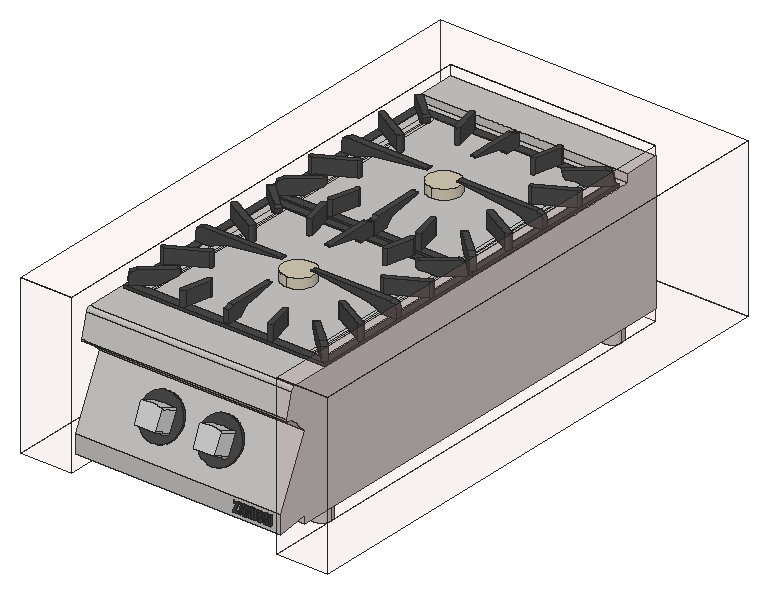
Revit family "QF_ZANUSSI_392026_Z9GCGD2C0M", category Attrezzature speciali, Revit 2020
Family settings
  Quota connettore circolare = Usa diametro
  Tipo di parte = Normale
  Basato su piano di lavoro = No
  Sempre verticale = Sì
  Taglio con vuoti quando caricato = No
  Condiviso = No
  Punto di calcolo locali = No
Parameters (values of type "Standard")
  Weight = 43.00 kg
  Watts = 0 W
  Volts = 0 V
  URL Manufacturer = "http://www.zanussiprofessional.com"
  URL = "http://www.zanussiprofessional.com"
  Steam Supply Size = 0 mm
  Steam Supply Minimum Pressure = 0.0 Pa
  Steam Supply Maximum Pressure = 0.0 Pa
  Steam Consumption per Hour = 0
  Show Logo [instance] = yes
  Show Clearance [instance] = yes
  Refrigeration Suction Line Size = 0 mm
  Refrigeration Liquid Line Size = 0 mm
  Refrigerant Compressor Remote = yes
  Prospetto di default = 0 mm
  Produttore = "Zanussi"
  Phase = 0
  Modello = "Z9GCGD2C0M"
  Length Actual = 400 mm  # constant formula
  Item Number = "392026"
  Hot Water Size = 0 mm
  Height Actual = 250 mm  # constant formula
  HP = "0 HP"
  Gas Size = 12.7 mm
  Gas KW = 20
  Gas Input Pressure = 0.196954 W
  Direct Waste Size = 0 mm
  Descrizione = "2X10KW-BURNER(CAST IRON)GAS BOIL.TOP 400"
  Depth Actual = 900 mm  # constant formula
  Cycle = 0 Hz
  Condensate Return Size = 0 mm
  Compressed Air Volume = 0.0 L/s
  Compressed Air Size = 0 mm
  Compressed Air Pressure = 0.0 Pa
  Cold Water Size = 0 mm
  Accessory = yes
Reference planes
  plane 1 "Back": y = 0
  plane 2: z = 0
  plane 3 "Left": x = 0
  plane 4: x = 400
  plane 5: z = 275
  plane 6: y = -340.304
  plane 7: x = 500
  plane 8: x = -100
  plane 9: y = 100
  plane 10: x = 200
  plane 11: y = -790
  plane 12: y = -82
Forms (mm)
  Extrusion 1, solid, material "QF_Finishes_Clearance", visible <- "Show Clearance"
    sketch origin (0, 0, 0) x (1, 0, 0) y (0, 1, 0)
      loop
        line (-100, -924.56) -> (0, -924.56) -> (0, 0) -> (400, 0) -> (400, -924.56) -> (500, -924.56) -> (500, 100) -> (-100, 100) -> (-100, -924.56)
    from 0 to 308.575
  Extrusion 2, solid, material "QF_Finishes_Stainless Steel"
    sketch origin (0, 0, 1) x (0, 1, 0) y (0, 0, 1)
      loop
        line (0, 23) -> (0, 289) -> (-69.85, 289) -> (-69.85, 274) -> (-879.358, 274)
        arc (-879.358, 274) -> (-884.643, 271.811) -> (-886.833, 266.526) r 7.474
        line (-886.833, 266.526) -> (-899.363, 222.827)
        arc (-899.363, 222.827) -> (-898.875, 220.195) -> (-896.479, 219) r 3
        line (-896.479, 219) -> (-888.618, 219) -> (-854.982, 185.364) -> (-915, 64.508) -> (-915, 29.508) -> (-858.645, 37.428)
        arc (-858.645, 37.428) -> (-856.101, 36.674) -> (-855, 34.259) r 3.2
        line (-855, 34.259) -> (-855, 23) -> (0, 23)
    from 0 to 400.05
  Extrusion 3, solid, material "QF_Finishes_Stainless Steel"
    sketch origin (-705.042, 21.722, 541) x (-1, 0, 0) y (0, 0, -1)
      loop
        circle (-1052.042, 464) r 6.35
    from 11.722 to 21.722
  Extrusion 4, solid, material "QF_Finishes_Stainless Steel"
    sketch origin (-704.042, -197, 2.278) x (-1, 0, 0) y (0, -1, 0)
      loop
        circle (-1052.042, 464) r 6.35
    from 11.722 to 21.722
Dimensions and locks
  plane 3 "Left" to plane 4 = 400 mm
  plane 5 to level = 275 mm
  plane 1 "Back" to plane 9 = 100 mm
  plane 4 to plane 7 = 100 mm
  plane 8 to plane 3 "Left" = 100 mm
  Extrusion 1 to Extrusion 1 = 400 mm
  Extrusion 1 to Extrusion 2 sketch curve = 915 mm
  plane 1 "Back" to plane 12 to plane 11 = 82 mm, 708 mm
  aligned and locked: level to plane 2
Nested families
  nested 1: "ZANUSSI_BURNER" at (5, -443.75, -575.85), type "ZANUSSI_BURNER"
    with Specification by User "", Revision Code "", Item Number "", Installed By "", Identify Quantity as Lot yes, Furnished By "", Foodservice Equipment Identifier yes
  nested 2: "ZANUSSI_Logo" at (349.92, -915, 98) x (1, 0, 0) z (0, -1, 0), Show Logo <- "Show Logo", visible <- "Show Logo", type "ZANUSSI_Logo"
    with Show Logo yes
  nested 3: "Piedino 24x19 mm" at (20, -82, 0), type "Piedino 24x19 mm"
  nested 4: "Piedino 24x19 mm" at (20, -790, 0), type "Piedino 24x19 mm"
  nested 5: "Piedino 24x19 mm" at (380, -82, 0) x (-1, 0, 0) z (0, 0, 1), type "Piedino 24x19 mm"
  nested 6: "Piedino 24x19 mm" at (380, -790, 0) x (-1, 0, 0) z (0, 0, 1), type "Piedino 24x19 mm"
  nested 7: "CONTROLLER_XP-ZAN" at (193.54, -882.317, 131.321) x (1, 0, 0) z (0, -0.8956, 0.4448), type "CONTROLLER_XP-ZAN"
  nested 8: "CONTROLLER_XP-ZAN" at (206.46, -882.317, 131.321) x (-1, 0, 0) z (0, -0.8956, 0.4448), type "CONTROLLER_XP-ZAN"
  nested 9: "ZANUSSI_BURNER" at (5, -448.75, -575.85), type "ZANUSSI_BURNER"
    with Specification by User "", Revision Code "", Item Number "", Installed By "", Identify Quantity as Lot yes, Furnished By "", Foodservice Equipment Identifier yes
Connectors
  piping at (347, 10, 77), diameter 12.7, driven by "Gas Size"
    settings: on Extrusion 3, index 14, connector inside diameter 12.8 mm, connector length 0 mm, flow factor 0, pipe flow 0.0 L/s, pressure drop 0.0 Pa, fitting loss kfactor 0, connector angle 0.00°, fixture units 0, engagement length 0 mm, angle of deflection 0.00°, flow configuration 1, flow direction 1, fitting loss method 0, system type 29, joint type 0, gender type 0, connector reference index -1, connector utility 0, adjustable connector no, is connector primary yes, connector description "Gas Connection"
  piping at (348, -661, 14), diameter 12.7, driven by "Gas Size"
    settings: on Extrusion 4, index 15, connector inside diameter 12.8 mm, connector length 0 mm, flow factor 0, pipe flow 0.0 L/s, pressure drop 0.0 Pa, fitting loss kfactor 0, connector angle 0.00°, fixture units 0, engagement length 0 mm, angle of deflection 0.00°, flow configuration 1, flow direction 1, fitting loss method 0, system type 29, joint type 0, gender type 0, connector reference index -1, connector utility 0, adjustable connector no, is connector primary no, connector description "Gas Connection"
Definition of nested family "ZANUSSI_BURNER"
  Parameters (values of type "ZANUSSI_BURNER")
    Weight in Pounds = 0
    URL Cutsheet = ""
    URL = "www.electrolux.com"
    Type Mark [instance] = ""
    Status [instance] = ""
    Specification by User [instance] = ""
    Specification by Manufacturer = ""
    Show Clearance [instance] = yes
    Serial Number = ""
    Seismic Rating = ""
    SMACNA No = ""
    Revision Code [instance] = ""
    Default Elevation = 0 mm
    Omniclass Number and Title = ""
    NAFEM Spec ID Number = ""
    Model = "392010"
    Masterspec = ""
    Manufacturer = "ELECTROLUX"
    Item Number [instance] = ""
    Installed By [instance] = ""
    Identify Quantity as Lot [instance] = yes
    Furnished By [instance] = ""
    Foodservice Equipment Identifier [instance] = yes
    Description = ""
    CSI MasterFormat = ""
    CSI Master Format = ""
  Reference planes
    plane 1 "BACK": y = 0
    plane 2: z = 0
    plane 3 "LEFT": x = 0
    plane 4 "RIGHT": x = 393.7
    plane 5 "FRONT": y = -355.6
    plane 6 "TOP": z = 908.85
    plane 7 "Center Y": x = 196.85
    plane 8 "Center X": y = -177.8
    plane 9 "Base": z = 150
    plane 10: z = 850.85
  Forms (mm)
    Extrusion 1, solid
      sketch origin (-6.433, -404.961, 5) x (1, 0, 0) y (0, 0, -1)
        loop
          arc (7.142, -850.85) -> (6.739, -862.989) -> (9.761, -874.752) r 42.809
          line (9.761, -874.752) -> (19.961, -879.425) -> (173.122, -879.425)
          arc (173.122, -879.425) -> (174.316, -878.312) -> (173.289, -877.043) r 1.197
          line (173.289, -877.043) -> (64.848, -864.021)
          arc (64.848, -864.021) -> (50.111, -858.738) -> (36.589, -850.85) r 85.245
          line (36.589, -850.85) -> (7.142, -850.85)
        loop
          line (399.424, -850.85) -> (369.977, -850.85)
          arc (369.977, -850.85) -> (356.455, -858.738) -> (341.718, -864.021) r 85.245
          line (341.718, -864.021) -> (233.277, -877.043)
          arc (233.277, -877.043) -> (232.25, -878.312) -> (233.444, -879.425) r 1.197
          line (233.444, -879.425) -> (386.605, -879.425) -> (396.806, -874.752)
          arc (396.806, -874.752) -> (399.827, -862.989) -> (399.424, -850.85) r 42.809
      from 224.564 to 234.564
    Extrusion 2, solid
      sketch origin (196.85, 175.397, 1219.2) x (0, 1, 0) y (0, 0, 1)
        loop
          line (-204.463, -363.35) -> (-175.397, -363.35) -> (-175.397, -339.506)
          arc (-175.397, -339.506) -> (-181.025, -338.266) -> (-185.611, -334.775) r 13.39
          line (-185.611, -334.775) -> (-278.903, -334.775)
          arc (-278.903, -334.775) -> (-280.097, -335.888) -> (-279.07, -337.157) r 1.197
          line (-279.07, -337.157) -> (-227.151, -347.464)
          arc (-227.151, -347.464) -> (-213.741, -352.457) -> (-204.463, -363.35) r 28.426
        loop
          arc (-496.332, -363.35) -> (-487.053, -352.457) -> (-473.644, -347.464) r 28.426
          line (-473.644, -347.464) -> (-421.725, -337.157)
          arc (-421.725, -337.157) -> (-420.697, -335.888) -> (-421.891, -334.775) r 1.197
          line (-421.891, -334.775) -> (-515.184, -334.775)
          arc (-515.184, -334.775) -> (-519.769, -338.266) -> (-525.397, -339.506) r 13.39
          line (-525.397, -339.506) -> (-525.397, -363.35) -> (-496.332, -363.35)
      from -5 to 5
    Extrusion 3, solid
      sketch origin (-6.433, 367.064, 850.85) x (0, -1, 0) y (1, 0, 0)
        loop
          line (722.664, 6.433) -> (722.664, 400.133) -> (367.064, 400.133) -> (367.064, 6.433) -> (722.664, 6.433)
        loop
          line (382.064, 21.433) -> (707.664, 21.433) -> (707.664, 385.133) -> (382.064, 385.133) -> (382.064, 21.433)
      from 0 to 5
    Extrusion 4, solid
      sketch origin (-18.933, 367.064, 855.85) x (0, -1, 0) y (1, 0, 0)
        loop
          circle (541.667, 215.783) r 30
      from -1.321 to 17.134
    Extrusion 5, solid
      sketch origin (-6.433, -367.064, 0) x (1, 0, 0) y (0, 0, -1)
        loop
          line (21.433, -855.85) -> (36.589, -855.85)
          arc (36.589, -855.85) -> (40.561, -855.243) -> (44.305, -853.783) r 18.259
          arc (44.305, -853.783) -> (45.997, -853.366) -> (47.69, -853.783) r 3.649
          arc (47.69, -853.783) -> (49.901, -854.522) -> (52.232, -854.529) r 7.328
          line (52.232, -854.529) -> (354.334, -854.529)
          arc (354.334, -854.529) -> (356.666, -854.522) -> (358.877, -853.783) r 7.328
          arc (358.877, -853.783) -> (360.569, -853.366) -> (362.261, -853.783) r 3.649
          arc (362.261, -853.783) -> (366.005, -855.243) -> (369.977, -855.85) r 18.259
          line (369.977, -855.85) -> (385.133, -855.85) -> (385.133, -850.85) -> (21.433, -850.85) -> (21.433, -855.85)
      from 26.464 to 352.064
    Extrusion 6, solid
      sketch origin (83.284, -458.334, 5) x (0.742103, 0.670286, 0) y (0, 0, -1)
        loop
          arc (88.629, -864.012) -> (73.909, -858.731) -> (60.402, -850.85) r 85.245
          line (60.402, -850.85) -> (14.993, -850.85)
          arc (14.993, -850.85) -> (14.642, -862.948) -> (17.686, -874.663) r 42.876
          line (17.686, -874.663) -> (27.899, -879.425) -> (89.664, -879.425)
          arc (89.664, -879.425) -> (92.39, -878.352) -> (93.654, -875.709) r 4
          arc (93.654, -875.709) -> (92.562, -869.25) -> (88.629, -864.012) r 13.87
        loop
          arc (457.638, -864.012) -> (453.704, -869.25) -> (452.613, -875.709) r 13.87
          arc (452.613, -875.709) -> (453.876, -878.352) -> (456.603, -879.425) r 4
          line (456.603, -879.425) -> (518.367, -879.425) -> (528.581, -874.663)
          arc (528.581, -874.663) -> (531.624, -862.948) -> (531.273, -850.85) r 42.876
          line (531.273, -850.85) -> (485.865, -850.85)
          arc (485.865, -850.85) -> (472.357, -858.731) -> (457.638, -864.012) r 85.245
      from 127.064 to 137.064
    Extrusion 7, solid
      sketch origin (310.416, -458.334, 5) x (-0.742103, 0.670286, 0) y (0, 0, 1)
        loop
          arc (88.629, 864.012) -> (92.562, 869.25) -> (93.654, 875.709) r 13.87
          arc (93.654, 875.709) -> (92.39, 878.352) -> (89.664, 879.425) r 4
          line (89.664, 879.425) -> (27.899, 879.425) -> (17.686, 874.663)
          arc (17.686, 874.663) -> (14.642, 862.948) -> (14.993, 850.85) r 42.876
          line (14.993, 850.85) -> (60.402, 850.85)
          arc (60.402, 850.85) -> (73.909, 858.731) -> (88.629, 864.012) r 85.245
        loop
          arc (457.638, 864.012) -> (472.357, 858.731) -> (485.865, 850.85) r 85.245
          line (485.865, 850.85) -> (531.273, 850.85)
          arc (531.273, 850.85) -> (531.624, 862.948) -> (528.581, 874.663) r 42.876
          line (528.581, 874.663) -> (518.367, 879.425) -> (456.603, 879.425)
          arc (456.603, 879.425) -> (453.876, 878.352) -> (452.613, 875.709) r 4
          arc (452.613, 875.709) -> (453.704, 869.25) -> (457.638, 864.012) r 13.87
      from 127.064 to 137.064
    Extrusion 8, solid
      sketch origin (-6.433, 367.064, 855.85) x (0, -1, 0) y (1, 0, 0)
        loop
          arc (626.166, 9.428) -> (632.956, 7.454) -> (634.93, 14.244) r 5
          line (634.93, 14.244) -> (600.514, 76.878)
          arc (600.514, 76.878) -> (593.724, 78.852) -> (591.75, 72.062) r 5
          line (591.75, 72.062) -> (626.166, 9.428)
        loop
          line (463.562, 9.428) -> (497.977, 72.062)
          arc (497.977, 72.062) -> (496.003, 78.852) -> (489.213, 76.878) r 5
          line (489.213, 76.878) -> (454.798, 14.244)
          arc (454.798, 14.244) -> (456.772, 7.454) -> (463.562, 9.428) r 5
        loop
          line (626.166, 397.138) -> (591.75, 334.504)
          arc (591.75, 334.504) -> (593.724, 327.714) -> (600.514, 329.689) r 5
          line (600.514, 329.689) -> (634.93, 392.323)
          arc (634.93, 392.323) -> (632.956, 399.113) -> (626.166, 397.138) r 5
        loop
          arc (463.562, 397.138) -> (456.772, 399.113) -> (454.798, 392.323) r 5
          line (454.798, 392.323) -> (489.213, 329.689)
          arc (489.213, 329.689) -> (496.003, 327.714) -> (497.977, 334.504) r 5
          line (497.977, 334.504) -> (463.562, 397.138)
        loop
          line (715.14, 293.499) -> (666.703, 282.317)
          arc (666.703, 282.317) -> (662.956, 276.32) -> (668.953, 272.573) r 5
          line (668.953, 272.573) -> (717.389, 283.756)
          arc (717.389, 283.756) -> (721.136, 289.752) -> (715.14, 293.499) r 5
        loop
          arc (715.14, 113.067) -> (721.136, 116.814) -> (717.389, 122.811) r 5
          line (717.389, 122.811) -> (668.953, 133.993)
          arc (668.953, 133.993) -> (662.956, 130.246) -> (666.703, 124.249) r 5
          line (666.703, 124.249) -> (715.14, 113.067)
        loop
          arc (374.588, 293.499) -> (368.591, 289.752) -> (372.338, 283.756) r 5
          line (372.338, 283.756) -> (420.775, 272.573)
          arc (420.775, 272.573) -> (426.771, 276.32) -> (423.024, 282.317) r 5
          line (423.024, 282.317) -> (374.588, 293.499)
        loop
          line (374.588, 113.067) -> (423.024, 124.249)
          arc (423.024, 124.249) -> (426.771, 130.246) -> (420.775, 133.993) r 5
          line (420.775, 133.993) -> (372.338, 122.811)
          arc (372.338, 122.811) -> (368.591, 116.814) -> (374.588, 113.067) r 5
      from 0 to 28.575
  Lines and regions (mm)
    symbolic lines
      curve 1: line (157.475, -170.397, 150) -> (157.475, -15, 150)
      curve 2: line (236.225, -170.397, 150) -> (236.225, -15, 150)
      curve 3: arc (158.678, -180.397, 0) -> (170.734, -200.207, 0) -> (191.85, -209.795, 0) r 39.375
      curve 4: line (163.825, -170.397, 150) -> (163.825, -15, 150)
      curve 5: line (229.875, -170.397, 150) -> (229.875, -15, 150)
      curve 6: line (144.775, -170.397, 150) -> (144.775, -15, 150)
      curve 7: line (248.925, -170.397, 150) -> (248.925, -15, 150)
      curve 8: arc (145.678, -180.397, 0) -> (161.728, -209.187, 0) -> (191.85, -222.573, 0) r 52.075
      curve 9: arc (201.85, -209.795, 0) -> (222.966, -200.207, 0) -> (235.022, -180.397, 0) r 39.375
      curve 10: arc (201.85, -222.573, 0) -> (231.931, -209.224, 0) -> (248.001, -180.504, 0) r 52.075
  Dimensions and locks
    equal spacing: plane 3 "LEFT", plane 7 "Center Y", plane 4 "RIGHT"
    plane 3 "LEFT" to plane 4 "RIGHT" = 393.7 mm
    equal spacing: plane 5 "FRONT", plane 8 "Center X", plane 1 "BACK"
    plane 5 "FRONT" to plane 1 "BACK" = 355.6 mm
    plane 6 "TOP" to level = 908.85 mm
    plane 9 "Base" to level = 150 mm
    plane 6 "TOP" to plane 10 = 58 mm  (x2)
    locked: Extrusion 4 sketch curve to plane 7 "Center Y" at 0
    aligned and locked: level to plane 2
  Automatic sketch dimensions
    plane 1 "BACK" to curve 7 = 15 mm
    plane 7 "Center Y" to curve 7 = 52.075 mm
    curve 7 to curve 2 = 12.7 mm
    curve 2 to curve 5 = 6.35 mm
    curve 4 to curve 1 = 6.35 mm
    plane 8 "Center X" to curve 6 = 7.403 mm
    curve 1 to curve 6 = 12.7 mm
    plane 3 "LEFT" to Extrusion 1 sketch curve = 0.709 mm
    plane 3 "LEFT" to Extrusion 1 sketch curve = 3.327 mm
    Extrusion 1 sketch curve to Extrusion 1 sketch curve = 10.201 mm
    plane 10 to Extrusion 1 sketch curve = 5 mm  (x2)
    Extrusion 1 sketch curve to Extrusion 1 sketch curve = 29.447 mm
    Extrusion 1 sketch curve to Extrusion 1 sketch curve = 12.704 mm  (x2)
    Extrusion 1 sketch curve to Extrusion 1 sketch curve = 15.555 mm  (x2)
    plane 3 "LEFT" to Extrusion 1 sketch curve = 79.689 mm
    Extrusion 1 sketch curve to plane 7 "Center Y" = 30.161 mm
    Extrusion 1 sketch curve to Extrusion 1 sketch curve = 0.167 mm  (x2)
    plane 7 "Center Y" to Extrusion 1 sketch curve = 29.994 mm
    Extrusion 1 sketch curve to plane 4 "RIGHT" = 79.689 mm
    plane 10 to Extrusion 1 sketch curve = 18.171 mm
    Extrusion 1 sketch curve to plane 4 "RIGHT" = 58.415 mm
    Extrusion 1 sketch curve to plane 4 "RIGHT" = 13.528 mm
    Extrusion 1 sketch curve to plane 4 "RIGHT" = 3.327 mm
    Extrusion 1 sketch curve to plane 4 "RIGHT" = 0.709 mm
    Extrusion 1 sketch curve to Extrusion 1 sketch curve = 23.902 mm  (x2)
    Extrusion 1 sketch curve to plane 6 "TOP" = 26.807 mm  (x2)
    Extrusion 1 sketch curve to Extrusion 1 sketch curve = 1.185 mm  (x2)
    Extrusion 1 sketch curve to Extrusion 1 sketch curve = 5.694 mm
    Extrusion 2 sketch curve to plane 1 "BACK" = 0 mm
    plane 1 "BACK" to Extrusion 2 sketch curve = 10.213 mm
    plane 10 to Extrusion 2 sketch curve = 5 mm  (x2)
    plane 1 "BACK" to Extrusion 2 sketch curve = 29.066 mm
    plane 10 to Extrusion 2 sketch curve = 20.886 mm
    Extrusion 2 sketch curve to Extrusion 2 sketch curve = 22.688 mm  (x2)
    Extrusion 2 sketch curve to plane 10 = 7.392 mm  (x2)
    Extrusion 2 sketch curve to plane 6 "TOP" = 24.425 mm
    Extrusion 2 sketch curve to Extrusion 2 sketch curve = 51.752 mm
    Extrusion 2 sketch curve to plane 6 "TOP" = 26.807 mm  (x2)
    Extrusion 2 sketch curve to Extrusion 2 sketch curve = 0.167 mm  (x2)
    Extrusion 2 sketch curve to plane 8 "Center X" = 68.528 mm
    Extrusion 2 sketch curve to plane 5 "FRONT" = 60.248 mm
    Extrusion 2 sketch curve to Extrusion 2 sketch curve = 2.895 mm
    Extrusion 2 sketch curve to plane 5 "FRONT" = 15.813 mm
    Extrusion 2 sketch curve to plane 5 "FRONT" = 5.6 mm
    Extrusion 2 sketch curve to Extrusion 2 sketch curve = 4.731 mm
    Extrusion 2 sketch curve to Extrusion 2 sketch curve = 23.844 mm
    Extrusion 2 sketch curve to Extrusion 2 sketch curve = 1.185 mm
    plane 1 "BACK" to Extrusion 3 sketch curve = 0 mm
    Extrusion 3 sketch curve to plane 3 "LEFT" = 0 mm
    plane 5 "FRONT" to Extrusion 3 sketch curve = 0 mm
    Extrusion 3 sketch curve to plane 4 "RIGHT" = 0 mm
    plane 1 "BACK" to Extrusion 3 sketch curve = 15 mm
    Extrusion 3 sketch curve to plane 5 "FRONT" = 15 mm
    plane 3 "LEFT" to Extrusion 3 sketch curve = 15 mm
    Extrusion 3 sketch curve to plane 4 "RIGHT" = 15 mm
    Extrusion 3 to Extrusion 4 sketch curve = 159.603 mm
    Extrusion 5 sketch curve to plane 10 = 0 mm
    plane 3 "LEFT" to Extrusion 5 sketch curve = 15 mm
    Extrusion 5 sketch curve to Extrusion 5 sketch curve = 14.402 mm
    plane 10 to Extrusion 5 sketch curve = 5 mm
    Extrusion 5 sketch curve to Extrusion 5 sketch curve = 15.156 mm
    plane 10 to Extrusion 5 sketch curve = 2.933 mm  (x3)
    Extrusion 5 sketch curve to Extrusion 5 sketch curve = 7.716 mm  (x2)
    Extrusion 5 sketch curve to Extrusion 5 sketch curve = 0 mm  (x3)
    Extrusion 5 sketch curve to Extrusion 5 sketch curve = 1.692 mm  (x2)
    Extrusion 5 sketch curve to Extrusion 5 sketch curve = 3.385 mm  (x2)
    Extrusion 5 sketch curve to plane 10 = 3.559 mm  (x2)
    plane 10 to Extrusion 5 sketch curve = 3.679 mm
    Extrusion 5 sketch curve to plane 4 "RIGHT" = 45.799 mm
    Extrusion 5 sketch curve to Extrusion 5 sketch curve = 1.143 mm
    Extrusion 5 sketch curve to plane 10 = 13.244 mm
    Extrusion 5 sketch curve to plane 4 "RIGHT" = 15 mm
    plane 10 to Extrusion 6 sketch curve = 5 mm  (x2)
    Extrusion 6 sketch curve to Extrusion 6 sketch curve = 2.692 mm  (x2)
    Extrusion 6 sketch curve to Extrusion 6 sketch curve = 10.213 mm  (x2)
    plane 10 to Extrusion 6 sketch curve = 12.281 mm
    Extrusion 6 sketch curve to Extrusion 6 sketch curve = 29.348 mm  (x2)
    Extrusion 6 sketch curve to Extrusion 6 sketch curve = 3.155 mm  (x2)
    Extrusion 6 sketch curve to Extrusion 6 sketch curve = 22.572 mm
    Extrusion 6 sketch curve to Extrusion 6 sketch curve = 8.81 mm
    Extrusion 6 sketch curve to Extrusion 6 sketch curve = 9.845 mm  (x2)
    Extrusion 6 sketch curve to Extrusion 6 sketch curve = 3.99 mm  (x2)
    Extrusion 6 sketch curve to Extrusion 6 sketch curve = 0 mm  (x2)
    Extrusion 6 sketch curve to Extrusion 6 sketch curve = 49.533 mm
    Extrusion 6 sketch curve to plane 10 = 64.377 mm
    Extrusion 6 sketch curve to Extrusion 6 sketch curve = 326.397 mm
    Extrusion 6 sketch curve to plane 6 "TOP" = 28.141 mm
    Extrusion 6 sketch curve to Extrusion 6 sketch curve = 16.281 mm
    Extrusion 6 sketch curve to Extrusion 6 sketch curve = 1.035 mm
    Extrusion 6 sketch curve to Extrusion 6 sketch curve = 19.417 mm
    Extrusion 6 sketch curve to Extrusion 6 sketch curve = 4.763 mm  (x2)
    Extrusion 6 sketch curve to Extrusion 6 sketch curve = 3.716 mm
    plane 10 to Extrusion 7 sketch curve = 5 mm  (x2)
    Extrusion 7 sketch curve to Extrusion 7 sketch curve = 2.692 mm  (x2)
    Extrusion 7 sketch curve to Extrusion 7 sketch curve = 10.213 mm  (x2)
    plane 10 to Extrusion 7 sketch curve = 12.281 mm
    Extrusion 7 sketch curve to Extrusion 7 sketch curve = 29.348 mm  (x2)
    Extrusion 7 sketch curve to Extrusion 7 sketch curve = 3.155 mm  (x2)
    Extrusion 7 sketch curve to Extrusion 7 sketch curve = 22.572 mm
    Extrusion 7 sketch curve to Extrusion 7 sketch curve = 8.81 mm
    Extrusion 7 sketch curve to Extrusion 7 sketch curve = 9.845 mm  (x2)
    Extrusion 7 sketch curve to Extrusion 7 sketch curve = 3.99 mm  (x2)
    Extrusion 7 sketch curve to Extrusion 7 sketch curve = 0 mm  (x2)
    Extrusion 7 sketch curve to Extrusion 7 sketch curve = 21.306 mm
    Extrusion 7 sketch curve to plane 10 = 64.377 mm  (x2)
    Extrusion 7 sketch curve to Extrusion 7 sketch curve = 326.397 mm
    Extrusion 7 sketch curve to plane 6 "TOP" = 28.141 mm
    Extrusion 7 sketch curve to Extrusion 7 sketch curve = 16.281 mm
    Extrusion 7 sketch curve to Extrusion 7 sketch curve = 1.035 mm
    Extrusion 7 sketch curve to Extrusion 7 sketch curve = 19.417 mm
    Extrusion 7 sketch curve to Extrusion 7 sketch curve = 7.281 mm
    Extrusion 7 sketch curve to Extrusion 7 sketch curve = 10.713 mm
    curve 3 to curve 8 = 0 mm  (x2)
    curve 3 to curve 9 = 0 mm  (x2)
    curve 3 to curve 10 = 0 mm  (x2)
    curve 3 to plane 7 "Center Y" = 0 mm
    curve 8 to plane 8 "Center X" = 2.597 mm
    curve 8 to plane 7 "Center Y" = 51.172 mm
    curve 3 to plane 8 "Center X" = 2.597 mm
    curve 8 to curve 3 = 12.999 mm
    curve 3 to plane 7 "Center Y" = 5 mm
    curve 8 to plane 7 "Center Y" = 5 mm
    plane 7 "Center Y" to curve 10 = 5 mm
    curve 9 to plane 8 "Center X" = 2.597 mm
    plane 7 "Center Y" to curve 9 = 38.172 mm
    curve 10 to plane 8 "Center X" = 2.704 mm
    curve 9 to curve 10 = 12.979 mm
    curve 10 to plane 8 "Center X" = 44.773 mm
    Extrusion 8 sketch curve to Extrusion 3 = 5.275 mm  (x2)
    Extrusion 8 sketch curve to Extrusion 8 sketch curve = 1.125 mm  (x16)
    Extrusion 3 to Extrusion 8 sketch curve = 38.711 mm  (x2)
    Extrusion 8 sketch curve to Extrusion 3 = 7.19 mm  (x3)
    Extrusion 3 to Extrusion 8 sketch curve = 72.734 mm  (x2)
    Extrusion 8 sketch curve to Extrusion 8 sketch curve = 4.382 mm  (x16)
    Extrusion 8 sketch curve to Extrusion 3 = 2.995 mm  (x4)
    Extrusion 8 sketch curve to Extrusion 8 sketch curve = 34.416 mm  (x4)
    Extrusion 3 to Extrusion 8 sketch curve = 50.629 mm  (x3)
    Extrusion 8 sketch curve to Extrusion 8 sketch curve = 93.773 mm  (x2)
    Extrusion 3 to Extrusion 8 sketch curve = 40.96 mm  (x2)
    Extrusion 8 sketch curve to Extrusion 3 = 7.476 mm  (x2)
    Extrusion 8 sketch curve to Extrusion 8 sketch curve = 2.408 mm  (x4)
    Extrusion 3 to Extrusion 8 sketch curve = 91.634 mm  (x2)
    Extrusion 8 sketch curve to Extrusion 8 sketch curve = 4.872 mm  (x8)
    Extrusion 8 sketch curve to Extrusion 8 sketch curve = 11.182 mm  (x4)
    Extrusion 3 to Extrusion 8 sketch curve = 112.56 mm
    Extrusion 8 sketch curve to Extrusion 8 sketch curve = 61.931 mm
    Extrusion 3 to Extrusion 8 sketch curve = 55.445 mm
    Extrusion 8 sketch curve to Extrusion 8 sketch curve = 4.816 mm
    plane 7 "Center Y" to curve 9 = 5 mm
    plane 8 "Center X" to curve 4 = 7.403 mm
    curve 4 to plane 7 "Center Y" = 33.025 mm
    plane 1 "BACK" to curve 1 = 15 mm
    plane 1 "BACK" to curve 5 = 15 mm
    curve 5 to curve 2 = 0 mm  (x2)
    curve 1 to curve 4 = 0 mm  (x2)
    curve 6 to curve 1 = 0 mm
    plane 8 "Center X" to curve 2 = 7.403 mm
    plane 8 "Center X" to curve 7 = 7.403 mm
    radius of Extrusion 4 sketch curve = 30 mm
Definition of nested family "ZANUSSI_Logo"
  Parameters (values of type "ZANUSSI_Logo")
    Show Logo [instance] = yes
    Default Elevation = 1219.2 mm
  Reference planes
    plane 1 "Center (Front/Back)": y = -49
    plane 2: z = 0
    plane 3 "Center (Left/Right)": x = -9.92
  Forms (mm)
    Extrusion 1, solid
      sketch origin (0, 0, 0) x (1, 0, 0) y (0, 1, 0)
        loop
          line (-1219.2, 1219.2) -> (-1219.2, -1219.2) -> (1219.2, -1219.2) -> (1219.2, 1219.2) -> (-1219.2, 1219.2)
      from 0 to -304.8
    Extrusion 2, solid, visible <- "Show Logo"
      sketch origin (106.353, -215.165, -50) x (1, 0, 0) y (0, 1, 0)
        loop
          line (-137.419, 156.48) -> (-137.419, 160.444) -> (-143.365, 160.444) -> (-137.419, 172.566) -> (-137.419, 175.851) -> (-147.274, 175.851) -> (-147.274, 172.226) -> (-142.063, 172.339) -> (-147.728, 160.444) -> (-147.728, 156.48) -> (-137.419, 156.48)
        loop
          line (-131.729, 163.73) -> (-129.463, 163.73) -> (-130.596, 172.54) -> (-131.729, 163.73)
        loop
          line (-132.748, 156.48) -> (-132.182, 160.218) -> (-128.897, 160.218) -> (-128.33, 156.48) -> (-124.252, 156.48) -> (-127.877, 175.851) -> (-133.315, 175.851) -> (-136.826, 156.48) -> (-132.748, 156.48)
        loop
          line (-123.75, 175.851) -> (-123.75, 156.48) -> (-120.238, 156.48) -> (-120.238, 169.281) -> (-116.953, 156.48) -> (-112.648, 156.48) -> (-112.648, 175.851) -> (-116.273, 175.851) -> (-116.273, 163.503) -> (-119.558, 175.851) -> (-123.75, 175.851)
        loop
          arc (-111.742, 161.27) -> (-106.896, 156.448) -> (-101.433, 160.558) r 5.22
          line (-101.433, 160.558) -> (-101.433, 175.851) -> (-105.398, 175.851) -> (-105.398, 161.464)
          arc (-105.398, 161.464) -> (-106.44, 160.263) -> (-107.777, 161.124) r 1.214
          line (-107.777, 161.124) -> (-107.777, 175.851) -> (-111.742, 175.851) -> (-111.742, 161.27)
        loop
          line (-94.069, 169.734) -> (-90.331, 169.734) -> (-90.269, 171.495)
          arc (-90.269, 171.495) -> (-90.53, 173.458) -> (-91.761, 175.009) r 3.719
          arc (-91.761, 175.009) -> (-95.38, 176.189) -> (-98.998, 175.009) r 6.139
          arc (-98.998, 175.009) -> (-100.474, 172.145) -> (-100.291, 168.927) r 6.125
          arc (-100.291, 168.927) -> (-99.079, 167.149) -> (-97.591, 165.594) r 13.068
          line (-97.591, 165.594) -> (-95.921, 164.113)
          arc (-95.921, 164.113) -> (-94.934, 163.275) -> (-94.167, 162.233) r 5.571
          arc (-94.167, 162.233) -> (-94.357, 160.41) -> (-96.143, 160.003) r 1.573
          arc (-96.143, 160.003) -> (-96.681, 160.547) -> (-96.911, 161.277) r 1.631
          arc (-96.911, 161.277) -> (-96.929, 161.791) -> (-96.911, 162.305) r 7.441
          arc (-96.911, 162.305) -> (-96.895, 162.791) -> (-96.911, 163.277) r 7.03
          line (-96.911, 163.277) -> (-100.866, 163.277)
          arc (-100.866, 163.277) -> (-100.828, 160.504) -> (-99.735, 157.955) r 7.131
          arc (-99.735, 157.955) -> (-94.571, 156.484) -> (-90.221, 159.633) r 6.148
          arc (-90.221, 159.633) -> (-90.141, 162.884) -> (-91.536, 165.823) r 7.021
          line (-91.536, 165.823) -> (-95.882, 169.734)
          arc (-95.882, 169.734) -> (-96.47, 170.472) -> (-96.785, 171.362) r 2.858
          arc (-96.785, 171.362) -> (-95.666, 172.959) -> (-94.069, 171.84) r 1.379
          line (-94.069, 171.84) -> (-94.069, 169.734)
        loop
          line (-82.771, 169.734) -> (-79.033, 169.734) -> (-78.971, 171.495)
          arc (-78.971, 171.495) -> (-79.232, 173.458) -> (-80.463, 175.009) r 3.719
          arc (-80.463, 175.009) -> (-84.081, 176.189) -> (-87.7, 175.009) r 6.139
          arc (-87.7, 175.009) -> (-89.175, 172.145) -> (-88.993, 168.927) r 6.125
          arc (-88.993, 168.927) -> (-87.781, 167.149) -> (-86.293, 165.594) r 13.068
          line (-86.293, 165.594) -> (-84.623, 164.113)
          arc (-84.623, 164.113) -> (-83.636, 163.275) -> (-82.869, 162.233) r 5.571
          arc (-82.869, 162.233) -> (-83.059, 160.41) -> (-84.845, 160.003) r 1.573
          arc (-84.845, 160.003) -> (-85.383, 160.547) -> (-85.613, 161.277) r 1.631
          arc (-85.613, 161.277) -> (-85.631, 161.791) -> (-85.613, 162.305) r 7.441
          arc (-85.613, 162.305) -> (-85.596, 162.791) -> (-85.613, 163.277) r 7.03
          line (-85.613, 163.277) -> (-89.568, 163.277)
          arc (-89.568, 163.277) -> (-89.53, 160.504) -> (-88.437, 157.955) r 7.131
          arc (-88.437, 157.955) -> (-83.272, 156.484) -> (-78.922, 159.633) r 6.148
          arc (-78.922, 159.633) -> (-78.843, 162.884) -> (-80.238, 165.823) r 7.021
          line (-80.238, 165.823) -> (-84.584, 169.734)
          arc (-84.584, 169.734) -> (-85.171, 170.472) -> (-85.486, 171.362) r 2.858
          arc (-85.486, 171.362) -> (-84.368, 172.959) -> (-82.771, 171.84) r 1.379
          line (-82.771, 171.84) -> (-82.771, 169.734)
        loop
          line (-78.21, 175.851) -> (-78.21, 156.48) -> (-74.245, 156.48) -> (-74.245, 175.851) -> (-78.21, 175.851)
      from 50 to 51.6
  Dimensions and locks
    aligned and locked: plane 2 to Extrusion 1
    aligned and locked: level to Extrusion 1
Definition of nested family "Piedino 24x19 mm"
  Parameters (values of type "Piedino 24x19 mm")
    Default Elevation = 0 mm
    P = 930 mm
    L = 400 mm
    H = 290 mm
  Reference planes
    plane 1: y = 0
    plane 2: z = 0
    plane 3: x = 0
    plane 4: z = 290
    plane 5: z = 24
    plane 6: z = 55
  Forms (mm)
    Extrusion 1, solid
      sketch origin (-373.847, 979.72, 0) x (1, 0, 0) y (0, 1, 0)
        loop
          circle (373.847, -979.72) r 19
      from 0 to 24
  Dimensions and locks
    "H": plane 4 to level
    plane 4 to plane 5 to level = 266 mm, 24 mm
    level to plane 6 = 55 mm
    aligned and locked: level to plane 2
  Automatic sketch dimensions
    plane 3 to Extrusion 1 sketch curve = 0 mm
    plane 1 to Extrusion 1 sketch curve = 0 mm
    radius of Extrusion 1 sketch curve = 19 mm
Definition of nested family "CONTROLLER_XP-ZAN"
  Parameters (values of type "CONTROLLER_XP-ZAN")
    Default Elevation = 0 mm
  Reference planes
    plane 1 "Centro (Fronte/Retro)": y = 0
    plane 2: z = 0
    plane 3 "Centro (Sinistra/Destra)": x = 0
    plane 4: x = -51.067
    plane 5: x = 51.067
    plane 6: x = 93.481
    plane 7: x = -93.481
  Forms (mm)
    Extrusion 1, solid
      sketch origin (0, 0, 0) x (1, 0, 0) y (0, 1, 0)
        loop
          line (-1219.2, 1219.2) -> (-1219.2, -1219.2) -> (1219.2, -1219.2) -> (1219.2, 1219.2) -> (-1219.2, 1219.2)
      from 0 to -304.8
    Extrusion 2, solid
      sketch origin (-46.381, -48.923, 0) x (1, 0, 0) y (0, 1, 0)
        loop
          circle (-4.687, 48.923) r 42.414
      from 0 to 3.175
    Blend 3, solid
      base sketch origin (-46.381, -48.923, 3.175) x (1, 0, 0) y (0, 1, 0)
        loop
          line (-23.687, 25.923) -> (14.313, 25.923)
          arc (14.313, 25.923) -> (17.142, 27.095) -> (18.313, 29.923) r 4
          line (18.313, 29.923) -> (18.313, 66.519)
          arc (18.313, 66.519) -> (17.342, 69.132) -> (14.901, 70.476) r 4
          arc (14.901, 70.476) -> (-4.687, 71.923) -> (-24.275, 70.476) r 133.25
          arc (-24.275, 70.476) -> (-26.716, 69.132) -> (-27.687, 66.519) r 4
          line (-27.687, 66.519) -> (-27.687, 29.923)
          arc (-27.687, 29.923) -> (-26.515, 27.095) -> (-23.687, 25.923) r 4
      top sketch origin (-46.381, -48.923, 3.175) x (1, 0, 0) y (0, 1, 0)
        loop
          line (-25.687, 66.519) -> (-25.687, 29.923)
          arc (-25.687, 29.923) -> (-25.101, 28.509) -> (-23.687, 27.923) r 2
          line (-23.687, 27.923) -> (14.313, 27.923)
          arc (14.313, 27.923) -> (15.727, 28.509) -> (16.313, 29.923) r 2
          line (16.313, 29.923) -> (16.313, 66.519)
          arc (16.313, 66.519) -> (15.828, 67.825) -> (14.607, 68.498) r 2
          arc (14.607, 68.498) -> (-4.687, 69.923) -> (-23.981, 68.498) r 131.25
          arc (-23.981, 68.498) -> (-25.201, 67.825) -> (-25.687, 66.519) r 2
      from 0 to 33
  Lines and regions (mm)
    Split face 1
      outline origin (-46.381, -48.923, 36.175) x (1, 0, 0) y (0, 1, 0)
        loop
          line (-6.687, 69.908) -> (-6.687, 62.923) -> (-2.687, 62.923) -> (-2.687, 69.908)
  Dimensions and locks
    aligned and locked: plane 2 to Extrusion 1
    aligned and locked: level to Extrusion 1
